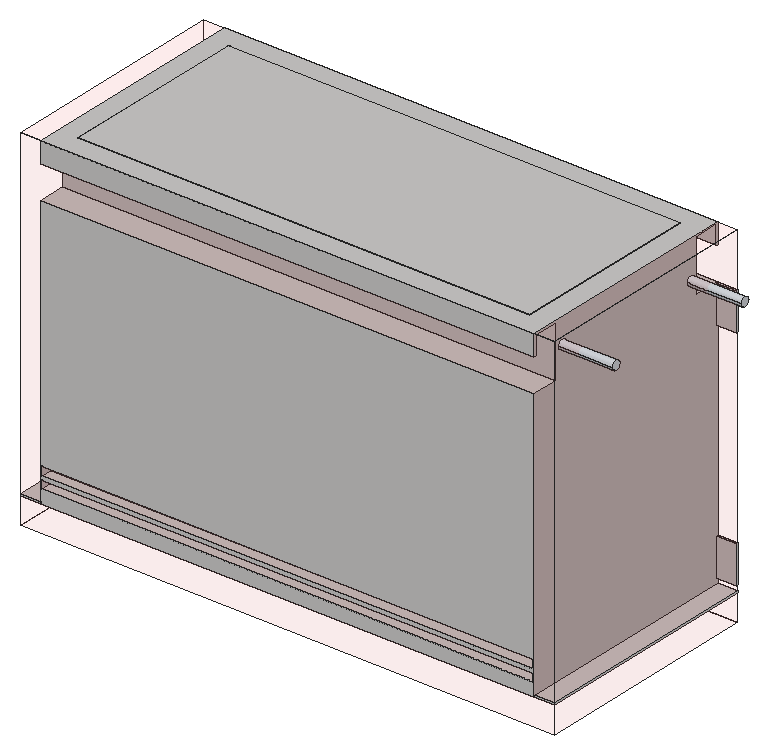
Revit family "Air-Curtain_Industrial_PoweredAire_Steam", category Mechanical Equipment, host Face, Revit 2019
Family settings
  Host = Face
  Round Connector Dimension = Use Diameter
  Part Type = Normal
  OmniClass Number = 23.75.35.17.21
  OmniClass Title = Air Curtains
  Cut with Voids When Loaded = No
  Shared = No
  Room Calculation Point = No
Parameters
  upperrotation [instance] = if(Upper Pipe Connection Side A, 0.00°, 180.00°)  # 0.00°
  topbracket [instance] = and(Unit Height = 1' 4 3/4", Unit Depth = 1' 11 3/4")  # yes
  lowerrotation [instance] = if(Lower Pipe Connection Side A, 0.00°, 180.00°)  # 0.00°
  locateupperpipe [instance] = if(Upper Pipe Connection Side A, 0' 0", Nozzle Width)  # 0' - 0"
  locatelowerpipe [instance] = if(Lower Pipe Connection Side A, 0' 0", Nozzle Width)  # 0' - 0"
  Warranty Duration (Years) = 0
  Upper Pipe Connection Side A [instance] = yes
  Unit Width Notes = "Other Widths available."  # constant formula
  Unit Width = 3' - 3"
  Unit Weight = 0
  Unit Height = 1' - 4 3/4"
  Unit Depth = 1' - 11 3/4"
  URL = "http://www.poweredaire.com/"
  Test Data = ""
  Standards Conformance = "as Specified"
  Specification = "http://www.arcat.com/sdspecs/htm04/23_34_33pai.htm"
  SpecWizard = ""
  Sound Pressure = "as Specified"
  Sales Information = "http://www.poweredaire.com/contact_us"
  Revision = "R1_2016-08"
  Projection from Host [instance] = 0' - 2"
  Product Properties = ""
  Product Data = "http://www.arcat.com/arcatcos/cos47/arc47623.html"
  Power Rating = 0 W
  Piping_Water Flow [instance] = 0 GPM
  Piping_Operating Pressure [instance] = 0.00 psi
  Piping_Exit Temperature [instance] = 0 °F
  Piping_Entry Temperature [instance] = 0 °F
  Pipe OD [instance] = 5/8"
  Nozzle Width = if(1 = 1, Unit Width - 0' 3", 0' 0")  # 3' - 0"
  Mounting Width = if(1 = 1, Unit Width - 0' 1 1/2", 0' 0")  # 3' - 1 1/2"
  Mounting Height [instance] = 3' - 6"
  Motor RPM = 0
  Motor HP = 0
  Motor Count = 0
  Model = "As Specified"
  Max Height = 0' - 0"
  Manufacturer Website = "http://www.poweredaire.com/"
  Manufacturer Phone - Toll Free = "888-321-2473"
  Manufacturer Phone = "724-588-3305"
  Manufacturer Fax = "724-588-3371"
  Manufacturer Address = "109 Mortensen Rd.  Greenville, PA 16125"
  Manufacturer = "Powered Aire, Inc"
  Maintenance Schedule (Months) = 0
  Lower Pipe Connection Side A [instance] = yes
  Keynote = "23 34 33"
  Installation-Fabrication = ""
  Installation Phase = ""
  Include Clearance [instance] = yes
  Heating Element Load = 0 W
  HVAC_Temperature Rise = 0 °F
  HVAC_Outlet Volume = 0 CFM
  HVAC_Outlet Velocity Uniformity = 0
  HVAC_Outlet Velocity = 0 FPM
  HVAC_BTU Input = 0.0 Btu/h
  Green Building-LEED = "http://www.arcat.com/green/clients/leed_data_47623.html"
  Front Grating Material [instance] = Metal - Steel - PoweredAire - Stainless 304 Perforated
  Frame Finish [instance] = Metal - Steel - PoweredAire - Stainless 304
  Expected Lifespan (Years) = 0
  Electrical_Wattage [instance] = Power Rating + Heating Element Load  # 0 W
  Electrical_Voltage [instance] = 0 V
  Electrical_Phase [instance] = 1
  Electrical_Frequency [instance] = 0 Hz
  Electrical_Amperage [instance] = 0 A
  Drawn By = "Sumex Design, Inc. / Robert S. Weygant, CSI, CDT, SCIP"
  Description = "Powered Aire Air Curtain as Specified"
  Default Elevation = 0' - 0"  # constant formula
  Copyright = "©Arcat Inc."
  Construction Details = "http://www.arcat.com/details/powair/prod3336.html"
  Clearance_Top [instance] = 0' - 0"
  Clearance_Side B [instance] = 0' - 0"
  Clearance_Side A [instance] = 0' - 0"
  Clearance_Intake [instance] = 0' - 0"
  Clearance_Bottom [instance] = 0' - 0"
  Clearance Material [instance] = ARCAT Clearance
  Building Codes = ""
  Available Options [instance] = "as Specified"
  Assembly Code = "D3090400"
Reference planes (in)
  plane 1 "Center (Elevation)": y = 0.13818
  plane 2: z = 0
  plane 3 "Center (Left/Right)": x = 0
  plane 4: y = 8.51318
  plane 5: y = -8.23682
  plane 6: x = -19.5
  plane 7: x = 19.5
  plane 8: z = 25.75
  plane 9 "FF": y = -41.86182
  plane 10: z = 2
  plane 11: x = 18
  plane 12: x = -18
  plane 13: y = 8.51318
  plane 14: y = -8.23682
  plane 15: x = -19.5
  plane 16: x = 19.5
  plane 17: z = 25.75
  plane 18: x = 17.9375
  plane 19: x = -17.9375
  plane 20: x = 18
  plane 21: x = 18
  plane 22: y = 6.01318
  plane 23: y = -5.73682
Forms (in)
  Extrusion 1, solid, material "Metal - Steel - PoweredAire - Stainless 304" <- "Frame Finish"
    sketch origin (0, 0, 0) x (0, 1, 0) y (0, 0, 1)
      loop
        line (-8.23682, 2) -> (8.51318, 2) -> (8.51318, 21.8125) -> (6.51318, 21.8125) -> (6.51318, 25.625) -> (8.38818, 25.625) -> (8.38818, 24.25) -> (8.51318, 24.25) -> (8.51318, 25.75) -> (-8.23682, 25.75) -> (-8.23682, 24.25) -> (-8.11182, 24.25) -> (-8.11182, 25.625) -> (-6.23682, 25.625) -> (-6.23682, 21.8125) -> (-8.23682, 21.8125) -> (-8.23682, 2)
    from -18 to 18
  Extrusion 2, solid, material "ARCAT Clearance" <- "Clearance Material", visible <- "Include Clearance"
    sketch origin (0, 0, 0) x (0, 1, 0) y (0, 0, 1)
      loop
        line (-8.23682, 25.75) -> (-8.23682, 0) -> (8.51318, 0) -> (8.51318, 25.75) -> (-8.23682, 25.75)
    from -19.5 to 19.5
  Extrusion 3, solid, material "Metal - Steel - PoweredAire - Stainless 304" <- "Frame Finish"
    sketch origin (-15.17702, -180, 2) x (-1, 0, 0) y (0, -1, 0)
      loop
        line (-33.17702, -188.51318) -> (-33.17702, -171.76318) -> (-34.67702, -171.76318) -> (-34.67702, -188.51318) -> (-33.17702, -188.51318)
      loop
        line (2.82298, -188.51318) -> (4.32298, -188.51318) -> (4.32298, -171.76318) -> (2.82298, -171.76318) -> (2.82298, -188.51318)
    from 0 to 0.125
  Extrusion 4, solid, material "Metal - Steel - PoweredAire - Stainless 304" <- "Frame Finish", visible <- "topbracket"
    sketch origin (-11.83813, 8.51318, 48) x (-1, 0, 0) y (0, 0, 1)
      loop
        line (-29.83813, -45.5) -> (-29.83813, -42.75) -> (-31.33813, -42.75) -> (-31.33813, -45.5) -> (-29.83813, -45.5)
      loop
        line (-29.83813, -28.9375) -> (-29.83813, -26.1875) -> (-31.33813, -26.1875) -> (-31.33813, -28.9375) -> (-29.83813, -28.9375)
      loop
        line (6.16187, -45.5) -> (7.66187, -45.5) -> (7.66187, -42.75) -> (6.16187, -42.75) -> (6.16187, -45.5)
      loop
        line (6.16187, -28.9375) -> (7.66187, -28.9375) -> (7.66187, -26.1875) -> (6.16187, -26.1875) -> (6.16187, -28.9375)
    from 0 to -0.125
  Extrusion 5, void
    sketch origin (0, 0, 0) x (0, 1, 0) y (0, 0, 1)
      loop
        line (-8.23682, 3) -> (-7.23682, 3) -> (-7.23682, 4.5) -> (-8.23682, 4.5) -> (-8.23682, 3.82425) -> (-7.38364, 3.82425) -> (-7.38364, 3.57425) -> (-8.23682, 3.57425) -> (-8.23682, 3)
    from -17.9375 to 17.9375
  Extrusion 6, solid, material "Metal - Steel - PoweredAire - Stainless 304 Perforated" <- "Front Grating Material"
    sketch origin (0, -8.23682, 25.75) x (0, 1, 0) y (-1, 0, 0)
      loop
        line (15.25, 16.5) -> (1.5, 16.5) -> (1.5, -16.5) -> (15.25, -16.5) -> (15.25, 16.5)
    from 0 to 0.03125
  Sweep 7, solid
    path origin (18, 6.01318, 0) x (1, 0, 0) y (0, 1, 0)
      loop
        line (0, 0) -> (4, 0)
    profile origin (20, 6.01318, 0) x (0, 1, 0) y (0, 0, 1)
      loop
        circle (0, 23) r 0.3125
  Sweep 8, solid
    path origin (18, -5.73682, 0) x (1, 0, 0) y (0, 1, 0)
      loop
        line (0, 0) -> (4, 0)
    profile origin (20, -5.73682, 0) x (0, 1, 0) y (0, 0, 1)
      loop
        circle (0, 24) r 0.3125
Cuts and joins
  Extrusion 5 cuts Extrusion 1
Lines and regions (in)
  reference lines
    curve 1: line (18, 6.01318, 0) -> (22.75, 6.01318, 0)
    curve 2: line (18, -5.73682, 0) -> (23.75, -5.73682, 0)
Dimensions and locks (in)
  equal spacing: plane 4, plane 1 "Center (Elevation)", plane 5
  "Unit Height": plane 4 to plane 5
  equal spacing: plane 6, plane 3 "Center (Left/Right)", plane 7
  "Unit Width": plane 6 to plane 7
  "Mounting Height": plane 1 "Center (Elevation)" to plane 9 "FF"
  "Projection from Host": plane 10 to level
  "Unit Depth": plane 8 to plane 10
  locked: plane 6 to plane 12 at 1.5
  locked: plane 11 to plane 7 at 1.5
  "Clearance_Side A": plane 7 to plane 16
  "Clearance_Side B": plane 15 to plane 6
  "Clearance_Top": plane 13 to plane 4
  "Clearance_Bottom": plane 5 to plane 14
  "Clearance_Intake": plane 17 to plane 8
  plane 5 to Extrusion 1 sketch curve to Extrusion 1 sketch curve = 0' - 0 1/8" locked, 0' - 1 7/8" locked
  Extrusion 1 sketch curve to Extrusion 1 sketch curve to plane 4 = 0' - 1 7/8" locked, 0' - 0 1/8" locked
  Extrusion 4 sketch curve to Extrusion 4 sketch curve to Extrusion 4 sketch curve to Extrusion 4 sketch curve to plane 10 = 0' - 2 3/4" locked, 1' - 1 13/16" locked, 0' - 2 3/4" locked, 0' - 0 1/2" locked
  Extrusion 4 sketch curve to Extrusion 4 sketch curve to Extrusion 4 sketch curve to Extrusion 4 sketch curve = 0' - 2 3/4" locked, 1' - 1 13/16" locked, 0' - 2 3/4" locked
  locked: Extrusion 4 sketch curve to plane 10 at 0.5
  plane 8 to Extrusion 1 sketch curve to Extrusion 1 sketch curve = 0' - 0 1/8" locked, 0' - 1 3/8" locked  (x2)
  locked: Extrusion 1 sketch curve to plane 10 at 19.8125  (x2)
  Extrusion 5 sketch curve to Extrusion 5 sketch curve to Extrusion 5 sketch curve to Extrusion 5 sketch curve to plane 10 = 0' - 0.67575" locked, 0' - 0 1/4" locked, 0' - 0.57425" locked, 0' - 1" locked
  plane 5 to Extrusion 5 sketch curve to Extrusion 5 sketch curve = 0' - 0.85319" locked, 0' - 0.14681" locked
  locked: plane 19 to plane 12 at 0.0625
  locked: plane 11 to plane 18 at 0.0625
  locked: plane 4 to Extrusion 6 sketch curve at 1.5
  locked: Extrusion 6 sketch curve to plane 5 at 1.5
  locked: Extrusion 6 sketch curve to plane 11 at 1.5
  locked: plane 12 to Extrusion 6 sketch curve at 1.5
  "locateupperpipe": plane 20 to plane 11
  "locatelowerpipe": plane 21 to plane 11
  locked: plane 4 to plane 22 at 2.5
  locked: plane 23 to plane 5 at 2.5
  locked: curve 1 to Sweep 7 sketch curve at 4
  locked: curve 1 to Sweep 7 sketch curve
  locked: Sweep 7 sketch curve to plane 10 at 21
  locked: curve 2 to Sweep 8 sketch curve at 4
  locked: curve 2 to Sweep 8 sketch curve
  locked: Sweep 8 sketch curve to plane 10 at 22
  "upperrotation": angle plane 22 to curve 1
  "lowerrotation": angle plane 23 to curve 2
  aligned and locked: plane 2 to host face
  aligned and locked: level to host face
  aligned and locked: Extrusion 2 sketch curve to plane 17
  aligned and locked: plane 14 to Extrusion 2 sketch curve
  aligned and locked: level to Extrusion 2 sketch curve
  aligned and locked: Extrusion 2 sketch curve to plane 13
  aligned and locked: plane 16 to Extrusion 2
  aligned and locked: Extrusion 2 to plane 15
  aligned and locked: plane 11 to Extrusion 1
  aligned and locked: Extrusion 1 to plane 12
  aligned and locked: plane 21 to curve 2
  aligned and locked: plane 23 to curve 2
  aligned and locked: plane 22 to curve 1
  aligned and locked: plane 20 to curve 1
Automatic sketch dimensions
  host sketch curve to host sketch curve = 8' - 0"  (x2)
  Extrusion 1 sketch curve to plane 5 = 0' - 0"  (x2)
  Extrusion 1 sketch curve to plane 4 = 0' - 0"  (x2)
  Extrusion 1 sketch curve to plane 10 = 0' - 0"
  Extrusion 1 sketch curve to plane 8 = 0' - 0"
  plane 4 to Extrusion 3 sketch curve = 0' - 0"
  Extrusion 3 sketch curve to plane 7 = 0' - 0"
  plane 5 to Extrusion 3 sketch curve = 0' - 0"
  Extrusion 3 sketch curve to plane 11 = 0' - 0"
  Extrusion 3 sketch curve to plane 4 = 0' - 0"
  Extrusion 3 sketch curve to plane 12 = 0' - 0"
  Extrusion 3 sketch curve to plane 6 = 0' - 0"
  Extrusion 3 sketch curve to plane 5 = 0' - 0"
  Extrusion 4 sketch curve to plane 7 = 0' - 0"  (x2)
  Extrusion 4 sketch curve to plane 11 = 0' - 0"  (x2)
  Extrusion 4 sketch curve to plane 12 = 0' - 0"  (x2)
  Extrusion 4 sketch curve to plane 6 = 0' - 0"  (x2)
  Extrusion 5 sketch curve to plane 5 = 0' - 0"  (x2)
  Sweep 7 sketch curve to profile plane = 0' - 0"
  Sweep 8 sketch curve to profile plane = 0' - 0"
  radius of Sweep 7 sketch curve = 0' - 0 5/16"
  radius of Sweep 8 sketch curve = 0' - 0 5/16"
Connectors (in)
  piping at (22, 6.01318, 23), diameter 0.625, driven by "Pipe OD", driven by "Piping_Water Flow"
    settings: on Sweep 7, index 1, connector inside diameter 24", connector length 0' - 0", flow factor 0, pipe flow 0 GPM, pressure drop 0.00 psi, fitting loss kfactor 0, connector angle 0.00°, fixture units 0, engagement length 0' - 0", angle of deflection 0.00°, flow configuration 0, flow direction 0, fitting loss method 0, system type 29, joint type 0, gender type 0, connector reference index -1, connector utility 0, adjustable connector no, is connector primary yes, connector description "Define Supply or Return and Location"
  piping at (22, -5.73682, 24), diameter 0.625, driven by "Pipe OD", driven by "Piping_Water Flow"
    settings: on Sweep 8, index 2, connector inside diameter 24", connector length 0' - 0", flow factor 0, pipe flow 0 GPM, pressure drop 0.00 psi, fitting loss kfactor 0, connector angle 0.00°, fixture units 0, engagement length 0' - 0", angle of deflection 0.00°, flow configuration 0, flow direction 0, fitting loss method 0, system type 29, joint type 0, gender type 0, connector reference index -1, connector utility 0, adjustable connector no, is connector primary no, connector description "Define Supply or Return and Location"
  electrical at (-18, 0.13818, 21.39062), driven by "Electrical_Voltage", driven by "Electrical_Phase"
    settings: on cut or joined group of Extrusion 1, Extrusion 5, index 3, voltage 0 V, apparent load 0 VA, apparent load phase1 0 VA, apparent load phase2 0 VA, apparent load phase3 0 VA, power factor 1, load classification "Motor", number of poles 1, system type 31, power factor state 1, is connector primary yes, connector utility no, sub classification motor no, connector description ""
